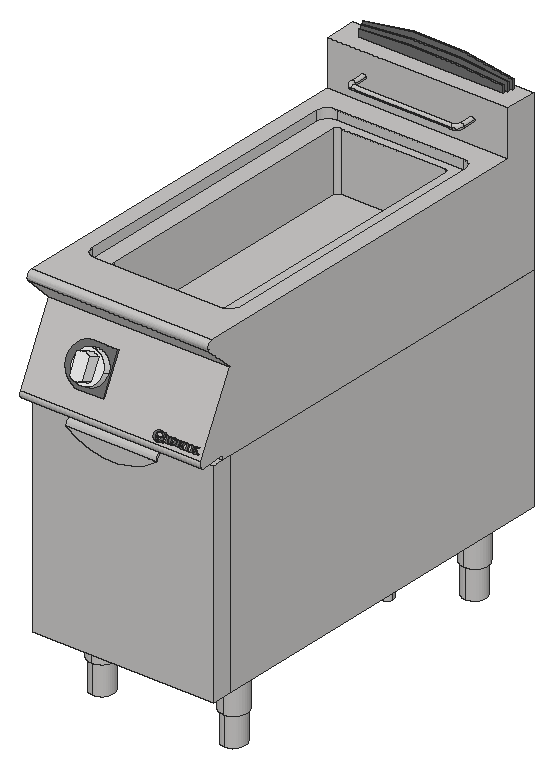
Revit family "QF_GIORIK_FE9121M", category Specialty Equipment, Revit 2014
Parameters (values of type "FE9121M")
  Weight in Pounds = 194.0066
  Watts = 20000 W
  Volts = 400 V
  URL Cutsheet = "www.giorik.com"
  URL = "www.giorik.com"
  Status [instance] = ""
  Specification by User [instance] = ""
  Specification by Manufacturer = ""
  Show Logo [instance] = yes
  Show Clearance [instance] = yes
  Serial Number = ""
  Seismic Rating = ""
  SMACNA No = ""
  Revision Code [instance] = ""
  Phase = 3
  Number of Poles [instance] = 3
  NAFEM Spec ID Number = ""
  Model = "FE9121M"
  Min Ckt Ampacity = 0 A
  Max Overcurrent Protection = 0 A
  Masterspec = ""
  Manufacturer = "GIORIK"
  Item Number [instance] = ""
  Installed By [instance] = ""
  Identify Quantity as Lot [instance] = no
  HP = "26.820400000000"
  Furnished By [instance] = ""
  Foodservice Equipment Identifier [instance] = yes
  FL Amps = 0 A
  Electrical Remarks [instance] = ""
  Electric Connection Type [instance] = ""
  Elec Conn RI Height [instance] = 0 mm
  Elec Conn Connection Height [instance] = 150 mm
  Description = "21 LITRE MELTING ELECTRIC FRYER."
  Cycle = 50 Hz
  Conn Plug = ""
  CSI MasterFormat = ""
  Assembly Code = "E1090320"
  Apparent Power = 20000 VA
Reference planes
  plane 1 "Back": y = 0
  plane 2: z = 0
  plane 3 "Left": x = 0
  plane 4 "Right": x = 400
  plane 5 "Front": y = -920
  plane 6 "Top": z = 900
Forms (mm)
  Extrusion 1, solid, visible <- "Show Logo"
    sketch origin (196.604, -936.761, 609.486) x (-1, 0, 0) y (0, 0.452718, 0.891654)
      loop
        line (-118.824, 58.358) -> (-127.804, 58.358) -> (-125.523, 56.445) -> (-125.523, 48.027) -> (-127.804, 46.113) -> (-118.824, 46.113) -> (-121.105, 48.027) -> (-121.105, 56.445) -> (-118.824, 58.358)
      loop
        line (-163.721, 58.358) -> (-172.7, 58.358) -> (-170.42, 56.445) -> (-170.42, 48.027) -> (-172.7, 46.113) -> (-163.721, 46.113) -> (-166.001, 48.027) -> (-166.001, 56.445) -> (-163.721, 58.358)
      loop
        line (-174.332, 58.358) -> (-183.312, 58.358) -> (-181.031, 56.445) -> (-181.031, 52.435) -> (-186.419, 56.955) -> (-184.416, 58.358) -> (-191.268, 58.358) -> (-188.01, 56.839) -> (-185.455, 54.283) -> (-190.846, 47.858) -> (-193.396, 46.93) -> (-193.396, 46.113) -> (-184.416, 46.113) -> (-185.437, 47.571) -> (-182.443, 51.552) -> (-181.031, 50.894) -> (-181.031, 48.027) -> (-183.312, 46.113) -> (-174.332, 46.113) -> (-176.613, 48.027) -> (-176.613, 56.445) -> (-174.332, 58.358)
      loop
        line (-115.429, 62.063) -> (-115.429, 54.198)
        arc (-115.429, 54.198) -> (-111.618, 57.803) -> (-106.847, 59.986) r 16.039
        arc (-106.847, 59.986) -> (-103.314, 59.837) -> (-100.512, 57.68) r 5.851
        arc (-100.512, 57.68) -> (-98.815, 52.267) -> (-100.512, 46.853) r 9.479
        arc (-100.512, 46.853) -> (-102.406, 44.986) -> (-104.846, 43.93) r 7.236
        arc (-104.846, 43.93) -> (-107.728, 44.111) -> (-110.052, 45.825) r 5.11
        line (-110.052, 45.825) -> (-110.052, 52.001) -> (-116.141, 52.001) -> (-116.141, 45.503) -> (-117.893, 43.751) -> (-114.094, 44.769)
        arc (-114.094, 44.769) -> (-112.56, 44.947) -> (-111.129, 44.366) r 3.115
        arc (-111.129, 44.366) -> (-104.216, 42.091) -> (-97.303, 44.366) r 11.641
        arc (-97.303, 44.366) -> (-93.396, 52.107) -> (-97.303, 59.849) r 9.622
        arc (-97.303, 59.849) -> (-104.369, 62.174) -> (-111.435, 59.849) r 11.898
        line (-111.435, 59.849) -> (-115.429, 62.063)
      loop
        arc (-129.234, 56.068) -> (-135.893, 58.628) -> (-142.552, 56.068) r 9.941
        arc (-142.552, 56.068) -> (-144.234, 52.286) -> (-142.552, 48.505) r 5.093
        arc (-142.552, 48.505) -> (-135.893, 45.945) -> (-129.234, 48.505) r 9.941
        arc (-129.234, 48.505) -> (-127.552, 52.286) -> (-129.234, 56.068) r 5.093
      loop
        arc (-132.628, 54.403) -> (-135.893, 57.668) -> (-139.158, 54.403) r 3.265
        line (-139.158, 54.403) -> (-139.158, 50.169)
        arc (-139.158, 50.169) -> (-135.893, 46.904) -> (-132.628, 50.169) r 3.265
        line (-132.628, 50.169) -> (-132.628, 54.403)
      loop
        arc (-156.363, 58.365) -> (-159.647, 55.081) -> (-156.363, 51.796) r 3.285
        line (-156.363, 51.796) -> (-159.529, 47.306) -> (-162.087, 46.113) -> (-155.847, 46.113) -> (-153.529, 51.083) -> (-150.637, 51.083) -> (-150.637, 47.784) -> (-153.022, 46.113) -> (-144.011, 46.113) -> (-146.094, 47.68) -> (-146.094, 56.493) -> (-144.229, 58.365) -> (-156.363, 58.365)
      loop
        line (-150.637, 57.512) -> (-153.637, 57.512)
        arc (-153.637, 57.512) -> (-156.237, 54.912) -> (-153.637, 52.312) r 2.6
        line (-153.637, 52.312) -> (-150.637, 52.312) -> (-150.637, 57.512)
      loop
        line (-108.924, 52.001) -> (-104.936, 49.005) -> (-100.948, 52.001) -> (-108.924, 52.001)
    from 1.5 to -0.5
  Extrusion 2, solid
    sketch origin (-16, 1025.81, 0) x (1, 0, 0) y (0, 1, 0)
      loop
        line (25, -1086.81) -> (25, -1156.81) -> (115, -1156.81) -> (115, -1086.81) -> (25, -1086.81)
    from 148 to 150
  Extrusion 3, solid
    sketch origin (-14, 0, 130) x (1, 0, 0) y (0, 1, 0)
      loop
        circle (54, -385) r 12.5
    from 0 to 20
  Extrusion 4, solid
    sketch origin (0, 800, -20) x (0, 1, 0) y (0, 0, 1)
      loop
        line (-800, 989.988) -> (-870, 989.988) -> (-870, 889.988) -> (-1688.806, 889.988)
        arc (-1688.806, 889.988) -> (-1699.151, 883.075) -> (-1696.724, 870.873) r 11.197
        line (-1696.724, 870.873) -> (-1640.876, 815.025) -> (-1718.948, 661.258)
        arc (-1718.948, 661.258) -> (-1718.233, 650.105) -> (-1708.118, 645.354) r 10.981
        line (-1708.118, 645.354) -> (-1660, 649.925) -> (-1660, 640) -> (-800, 640) -> (-800, 989.988)
    from 0 to 400
  Extrusion 5, solid
    sketch origin (0, -200, 599.536) x (1, 0, 0) y (0, 1, 0)
      loop
        line (0, -640) -> (40, -640) -> (40, 160) -> (360, 160) -> (360, -640) -> (400, -640) -> (400, 200) -> (0, 200) -> (0, -640)
    from -449.536 to 20.464
  Extrusion 6, solid
    sketch origin (0, -200, 0) x (1, 0, 0) y (0, 1, 0)
      loop
        line (40, 160) -> (40, -640) -> (360, -640) -> (360, 160) -> (40, 160)
    from 150 to 190
  Extrusion 7, solid
    sketch origin (-16, 360.81, 0) x (1, 0, 0) y (0, 1, 0)
      loop
        line (25, -1086.81) -> (25, -1156.81) -> (115, -1156.81) -> (115, -1086.81) -> (25, -1086.81)
    from 148 to 150
  Revolve 8, solid
    sketch origin (54, 360.81, 0) x (0, 1, 0) y (0, 0, 1)
      loop
        line (-1092.56, 66) -> (-1092.56, 148) -> (-1121.81, 148) -> (-1121.81, 0) -> (-1096.81, 0) -> (-1096.81, 66) -> (-1092.56, 66)
      axis (-1121.81, 0) -> (-1121.81, 148)
    angle from 0 to 360
  Revolve 9, solid
    sketch origin (54, 1025.81, 0) x (0, 1, 0) y (0, 0, 1)
      loop
        line (-1092.56, 66) -> (-1092.56, 148) -> (-1121.81, 148) -> (-1121.81, 0) -> (-1096.81, 0) -> (-1096.81, 66) -> (-1092.56, 66)
      axis (-1121.81, 0) -> (-1121.81, 148)
    angle from 0 to 360
  Extrusion 10, solid
    sketch origin (416, 360.81, 0) x (-1, 0, 0) y (0, -1, 0)
      loop
        line (25, 1086.81) -> (115, 1086.81) -> (115, 1156.81) -> (25, 1156.81) -> (25, 1086.81)
    from 148 to 150
  Revolve 11, solid
    sketch origin (346, 360.81, 0) x (0, 1, 0) y (0, 0, -1)
      loop
        line (-1092.56, -66) -> (-1096.81, -66) -> (-1096.81, 0) -> (-1121.81, 0) -> (-1121.81, -148) -> (-1092.56, -148) -> (-1092.56, -66)
      axis (-1121.81, 0) -> (-1121.81, -148)
    angle from 0 to 360
  Extrusion 12, solid
    sketch origin (416, -1217.81, 0) x (-1, 0, 0) y (0, -1, 0)
      loop
        line (25, -1086.81) -> (25, -1156.81) -> (115, -1156.81) -> (115, -1086.81) -> (25, -1086.81)
    from 148 to 150
  Revolve 13, solid
    sketch origin (346, -1217.81, 0) x (0, -1, 0) y (0, 0, 1)
      loop
        line (-1092.56, 66) -> (-1092.56, 148) -> (-1121.81, 148) -> (-1121.81, 0) -> (-1096.81, 0) -> (-1096.81, 66) -> (-1092.56, 66)
      axis (-1121.81, 0) -> (-1121.81, 148)
    angle from 0 to 360
  Extrusion 14, solid
    sketch origin (-293.221, -1163.345, 52.363) x (1, 0, 0) y (0, 0.452718, 0.891654)
      loop
        line (463.221, 676.25) -> (463.221, 766.25) -> (409.698, 766.25)
        arc (409.698, 766.25) -> (364.698, 721.25) -> (409.698, 676.25) r 45
        line (409.698, 676.25) -> (463.221, 676.25)
    from 48 to 50
  Extrusion 15, solid
    sketch origin (481.331, -1208.697, 74.959) x (-1, 0, 0) y (0, -0.45351, -0.891251)
      loop
        circle (351.331, -721.346) r 35
    from 0 to 15
  Extrusion 16, solid
    sketch origin (481.331, -1208.697, 74.959) x (-1, 0, 0) y (0, -0.45351, -0.891251)
      loop
        arc (336.331, -743.846) -> (351.331, -748.846) -> (366.331, -743.846) r 25
        line (366.331, -743.846) -> (366.331, -698.846)
        arc (366.331, -698.846) -> (351.331, -693.846) -> (336.331, -698.846) r 25
        line (336.331, -698.846) -> (336.331, -743.846)
    from 15 to 40
  Extrusion 17, solid
    sketch origin (-94, 0, 59.999) x (1, 0, 0) y (0, 0, 1)
      loop
        line (135, 909.989) -> (453, 909.989) -> (453, 925.527) -> (347.056, 931.749) -> (240.944, 931.749) -> (135, 925.527) -> (135, 909.989)
    from 32 to 35
  Extrusion 18, solid
    sketch origin (-92, 10, 59.999) x (1, 0, 0) y (0, 0, 1)
      loop
        line (454, 909.989) -> (454, 928.527) -> (346.162, 939.193) -> (237.838, 939.193) -> (130, 928.527) -> (130, 909.989) -> (454, 909.989)
    from 32 to 35
  Extrusion 19, solid
    sketch origin (-90, 20, 59.999) x (1, 0, 0) y (0, 0, 1)
      loop
        line (455, 909.989) -> (455, 930.527) -> (345.396, 947.413) -> (234.604, 947.413) -> (125, 930.527) -> (125, 909.989) -> (455, 909.989)
    from 32 to 35
  Extrusion 20, void
    sketch origin (0, -200, 819.988) x (0, 1, 0) y (-1, 0, 0)
      loop
        arc (80, -60) -> (72.678, -42.322) -> (55, -35) r 25
        line (55, -35) -> (-565.002, -35)
        arc (-565.002, -35) -> (-582.68, -42.322) -> (-590.002, -60) r 25
        line (-590.002, -60) -> (-590.002, -340)
        arc (-590.002, -340) -> (-582.68, -357.678) -> (-565.002, -365) r 25
        line (-565.002, -365) -> (55, -365)
        arc (55, -365) -> (72.678, -357.678) -> (80, -340) r 25
        line (80, -340) -> (80, -60)
    from -100 to 50
  Extrusion 21, solid
    sketch origin (0, -200, 900) x (0, 1, 0) y (-1, 0, 0)
      loop
        arc (80, -60) -> (72.678, -42.322) -> (55, -35) r 25
        line (55, -35) -> (-565.002, -35)
        arc (-565.002, -35) -> (-582.68, -42.322) -> (-590.002, -60) r 25
        line (-590.002, -60) -> (-590.002, -340)
        arc (-590.002, -340) -> (-582.68, -357.678) -> (-565.002, -365) r 25
        line (-565.002, -365) -> (55, -365)
        arc (55, -365) -> (72.678, -357.678) -> (80, -340) r 25
        line (80, -340) -> (80, -60)
      loop
        arc (60, -85.011) -> (57.071, -77.94) -> (50, -75.011) r 10
        line (50, -75.011) -> (-555.002, -75.011)
        arc (-555.002, -75.011) -> (-562.073, -77.94) -> (-565.002, -85.011) r 10
        line (-565.002, -85.011) -> (-565.002, -315)
        arc (-565.002, -315) -> (-562.073, -322.071) -> (-555.002, -325) r 10
        line (-555.002, -325) -> (50, -325)
        arc (50, -325) -> (57.071, -322.071) -> (60, -315) r 10
        line (60, -315) -> (60, -85.011)
    from -180.012 to -50
  Extrusion 22, solid
    sketch origin (0, -925, 0) x (1, 0, 0) y (0, 0, 1)
      loop
        line (0, 620) -> (0, 150) -> (400, 150) -> (400, 620) -> (0, 620)
    from -85 to -40
  Extrusion 23, solid
    sketch origin (0, -925, -20.1) x (0, 1, 0) y (0, 0, 1)
      loop
        arc (25, 640.1) -> (14.393, 635.707) -> (10, 625.1) r 15
        line (10, 625.1) -> (12, 625.1)
        arc (12, 625.1) -> (15.808, 634.292) -> (25, 638.1) r 13
        line (25, 638.1) -> (40, 638.1) -> (40, 640.1) -> (25, 640.1)
    from 97.5 to 297.5
  Extrusion 24, solid
    sketch origin (0, -924.905, -20.1) x (1, 0, 0) y (0, 0, 1)
      loop
        arc (97.5, 625.1) -> (197.5, 590.089) -> (297.5, 625.1) r 160.316
        line (297.5, 625.1) -> (97.5, 625.1)
    from -11.905 to -9.905
  Extrusion 25, solid, visible <- "Show Clearance", detail levels coarse
    sketch origin (395, -925, 0) x (-1, 0, 0) y (0, -1, 0)
      loop
        line (-5, -40) -> (395, -40)
        arc (395, -40) -> (277.534, 241.069) -> (-5, 354.968) r 395
        line (-5, 354.968) -> (-5, -40)
    from 150 to 620
  Extrusion 26, solid
    sketch origin (0, 0, 100) x (0, 1, 0) y (-1, 0, 0)
      loop
        circle (-380, -380) r 12.5
    from 30 to 50
  Sweep 27, solid
    path origin (0, 0, 919.988) x (0, 1, 0) y (-1, 0, 0)
      loop
        line (-70, -80) -> (-100, -80)
        arc (-100, -80) -> (-107.071, -82.929) -> (-110, -90) r 10
        line (-110, -90) -> (-110, -310)
        arc (-110, -310) -> (-107.071, -317.071) -> (-100, -320) r 10
        line (-100, -320) -> (-70, -320)
    profile origin (80, -85, 919.988) x (1, 0, 0) y (0, 0, 1)
      loop
        circle (0, 0) r 5
Cuts and joins
  Extrusion 20 cuts Extrusion 4
Lines and regions (mm)
  symbolic lines, style "200-EquipBorder-2D"
    curve 1: line (0, -920, 0) -> (400, -920, 0)
    curve 2: line (400, -920, 0) -> (400, 0, 0)
    curve 3: line (400, 0, 0) -> (0, 0, 0)
    curve 4: line (0, 0, 0) -> (0, -920, 0)
  symbolic lines, style "200-EquipInternal-2D"
    curve 5: line (35, -12, 900) -> (365, -12, 900)
    curve 6: line (365, -12, 900) -> (365, -15, 900)
    curve 7: line (365, -15, 900) -> (35, -15, 900)
    curve 8: line (35, -15, 900) -> (35, -12, 900)
    curve 9: line (38, -22, 900) -> (362, -22, 900)
    curve 10: line (362, -22, 900) -> (362, -25, 900)
    curve 11: line (362, -25, 900) -> (38, -25, 900)
    curve 12: line (38, -25, 900) -> (38, -22, 900)
    curve 13: line (41, -32, 900) -> (359, -32, 900)
    curve 14: line (359, -32, 900) -> (359, -35, 900)
    curve 15: line (359, -35, 900) -> (41, -35, 900)
    curve 16: line (41, -35, 900) -> (41, -32, 900)
    curve 17: line (340, -120, 900) -> (60, -120, 900)
    curve 18: arc (60, -120, 900) -> (42.322, -127.322, 900) -> (35, -145, 900) r 25
    curve 19: line (35, -145, 900) -> (35, -765, 900)
    curve 20: arc (365, -145, 900) -> (357.678, -127.322, 900) -> (340, -120, 900) r 25
    curve 21: arc (340, -790, 900) -> (357.633, -782.723, 900) -> (365, -765.128, 900) r 25
    curve 22: line (60, -790, 900) -> (340, -790, 900)
    curve 23: arc (35, -765, 900) -> (42.322, -782.678, 900) -> (60, -790, 900) r 25
    curve 24: line (365, -765.128, 900) -> (365, -145, 900)
    curve 27: line (85, -140, 900) -> (315, -140, 900)
    curve 28: line (325, -150, 900) -> (325, -755.002, 900)
    curve 29: line (75, -755.002, 900) -> (75, -150, 900)
    curve 30: line (315, -765.002, 900) -> (85, -765.002, 900)
    curve 31: arc (85, -140, 900) -> (77.929, -142.929, 900) -> (75, -150, 900) r 10
    curve 32: arc (315, -140, 900) -> (322.071, -142.929, 900) -> (325, -150, 900) r 10
    curve 33: arc (75, -755.002, 900) -> (77.929, -762.073, 900) -> (85, -765.002, 900) r 10
    curve 34: arc (315, -765.002, 900) -> (322.071, -762.073, 900) -> (325, -755.002, 900) r 10
    curve 35: line (80, -70, 900) -> (80, -99.667, 900)
    curve 36: line (90, -100, 900) -> (90, -70, 900)
    curve 37: line (94.989, -104.989, 900) -> (315.27, -104.989, 900)
    curve 38: line (320.032, -100.227, 900) -> (320.032, -70, 900)
    curve 39: line (330.032, -70, 900) -> (330.032, -100.301, 900)
    curve 40: line (315.333, -115, 900) -> (95.333, -115, 900)
    curve 41: arc (95.333, -115, 900) -> (84.491, -110.509, 900) -> (80, -99.667, 900) r 15.333
    curve 42: arc (90, -100, 900) -> (91.461, -103.528, 900) -> (94.989, -104.989, 900) r 4.989
    curve 43: arc (315.333, -115, 900) -> (325.727, -110.695, 900) -> (330.032, -100.301, 900) r 14.699
    curve 44: arc (320.032, -100.227, 900) -> (318.637, -103.594, 900) -> (315.27, -104.989, 900) r 4.762
    curve 45: line (0, -70, 900) -> (400, -70, 900)
  symbolic lines, style "QF_Door-Drawer Clearances", visible <- "Show Clearance", detail levels coarse
    curve 25: arc (400, -1279.968, 0) -> (130.204, -1178.101, 0) -> (1.554, -920, 0) r 395
    curve 26: line (400, -920, 0) -> (400, -1279.968, 0)
Dimensions and locks
  plane 3 "Left" to plane 4 "Right" = 400 mm
  plane 5 "Front" to plane 1 "Back" = 920 mm
  plane 4 "Right" to plane 3 "Left" = 400 mm
  plane 1 "Back" to plane 5 "Front" = 920 mm
  plane 6 "Top" to level = 900 mm  (x2)
  aligned and locked: level to plane 2
Connectors
  electrical at (380, -380, 130), driven by "Apparent Power", driven by "Volts", driven by "Number of Poles"
    settings: on Extrusion 26, index 1, voltage 400 V, apparent load 0 VA, apparent load phase1 20000 VA, apparent load phase2 0 VA, apparent load phase3 0 VA, power factor 1, load classification "Other", number of poles 3, system type 31, power factor state 1, is connector primary yes, connector utility no, sub classification motor no, connector description "Electrical connection"
